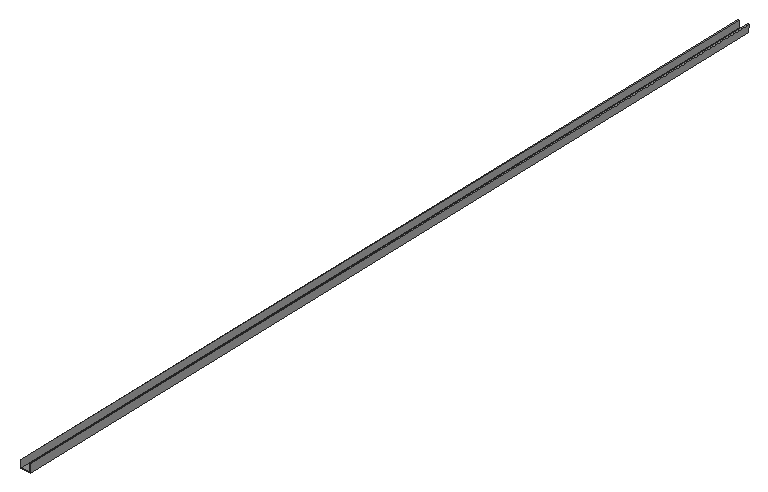
Revit family "U-Stiel 3-seitig gelocht", category Generic Models, Revit 2015
Parameters (values of type "US 7 600 FT")
  URL = "http://www.obo-bettermann.com"
  Material = Steel, Galvanized
  Manufacturer Art.No. = "6340318"
  Manufacturer = "OBO Bettermann"
  Lenght = 6000 mm
  GTIN = "4012196188833"
  Article Type = "US 7 600 FT"
Types (23, lengths in mm): name | Manufacturer Art.No. | Lenght | GTIN | Article Type
  (no name) | "6340318" | 6000 | "4012196188833" | "US 7 600 FT"
  US 7 20 FT | "6340016" | 200 | "4012196187690" | "US 7 20 FT"
  US 7 30 FT | "6340032" | 300 | "4012196187751" | "US 7 30 FT"
  US 7 40 FT | "6340059" | 400 | "4012196187812" | "US 7 40 FT"
  US 7 50 FT | "6340075" | 500 | "4012196187874" | "US 7 50 FT"
  US 7 60 FT | "6340091" | 600 | "4012196187935" | "US 7 60 FT"
  US 7 70 FT | "6340113" | 700 | "4012196187997" | "US 7 70 FT"
  US 7 80 FT | "6340148" | 800 | "4012196188055" | "US 7 80 FT"
  US 7 90 FT | "6340164" | 900 | "4012196188116" | "US 7 90 FT"
  US 7 100 FT | "6340180" | 1000 | "4012196188178" | "US 7 100 FT"
  US 7 110 FT | "6340199" | 1100 | "4012196188239" | "US 7 110 FT"
  US 7 120 FT | "6340202" | 1200 | "4012196188291" | "US 7 120 FT"
  US 7 130 FT | "6340210" | 1300 | "4012196188352" | "US 7 130 FT"
  US 7 140 FT | "6340229" | 1400 | "4012196188413" | "US 7 140 FT"
  US 7 150 FT | "6340237" | 1500 | "4012196188475" | "US 7 150 FT"
  US 7 160 FT | "6340245" | 1600 | "4012196188536" | "US 7 160 FT"
  US 7 170 FT | "6340253" | 1700 | "4012196188598" | "US 7 170 FT"
  US 7 180 FT | "6340261" | 1800 | "4012196188659" | "US 7 180 FT"
  US 7 190 FT | "6340288" | 1900 | "4012196188710" | "US 7 190 FT"
  US 7 200 FT | "6340296" | 2000 | "4012196188772" | "US 7 200 FT"
  US 7 300 FT | "6340377" | 3000 | "4012196188895" | "US 7 300 FT"
  US 7 400 FT | "6340393" | 4000 | "4012196458233" | "US 7 400 FT"
  US 7 600 FT | "6340318" | 6000 | "4012196188833" | "US 7 600 FT"
Reference planes
  plane 1 "Center (Front/Back)": y = 0
  plane 2: z = 0
  plane 3 "Center (Left/Right)": x = 0
  plane 4: z = 50
  plane 5: x = 35
  plane 6: x = -35
  plane 7: x = 31
  plane 8: z = 4
  plane 9: x = -31
  plane 10: y = 567.584
  plane 11: y = 6000
Forms (mm)
  Extrusion 1, solid, material "Steel, Galvanized" <- "Material"
    sketch origin (0, 0, 0) x (1, 0, 0) y (0, 0, 1)
      loop
        line (-31, 50) -> (-35, 50) -> (-35, 0) -> (35, 0) -> (35, 50) -> (31, 50) -> (31, 4) -> (-31, 4) -> (-31, 50)
    from -6000 to 0
Dimensions and locks
  locked: level to plane 4 at 50
  equal spacing: plane 6, plane 3 "Center (Left/Right)", plane 5
  locked: plane 7 to plane 5 at 4
  locked: plane 6 to plane 9 at 4
  locked: level to plane 8 at 4
  locked: plane 6 to plane 5 at 70
  plane 10 to plane 1 "Center (Front/Back)" = 567.584 mm
  "Lenght": plane 1 "Center (Front/Back)" to plane 11
  aligned and locked: level to plane 2
  aligned and locked: plane 4 to Extrusion 1 sketch curve  (x2)
  aligned and locked: plane 6 to Extrusion 1 sketch curve
  aligned and locked: Extrusion 1 sketch curve to plane 2
  aligned and locked: Extrusion 1 sketch curve to plane 5
  aligned and locked: plane 7 to Extrusion 1 sketch curve
  aligned and locked: plane 8 to Extrusion 1 sketch curve
  aligned and locked: Extrusion 1 sketch curve to plane 9
  aligned and locked: plane 11 to Extrusion 1
  aligned and locked: plane 1 "Center (Front/Back)" to Extrusion 1
